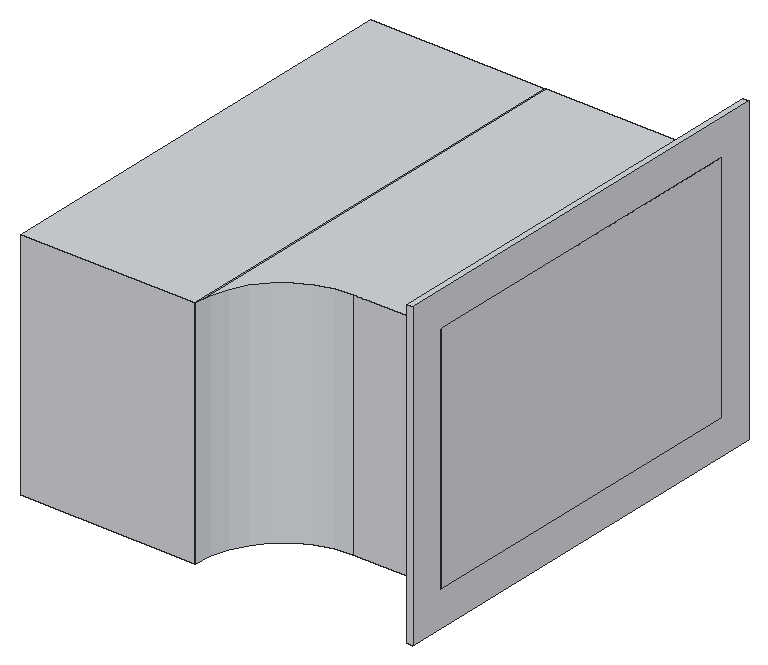
Revit family "RE Schuhstutzen mit Radius SU - Flansch", category Luftkanalformteile, Revit 2014
Parameters (values of type "Allgemein")
  d [instance] = 300 mm
  c [instance] = 200 mm
  built-in parameter 1114214 [instance] = 150 mm
  built-in parameter 1114213 [instance] = 150 mm
  built-in parameter 1114215 [instance] = (empty or 0)
  a [instance] = c  # 200 mm
  b [instance] = d + Radius  # 375 mm
  Radius [instance] = [built-in parameter 1114213] * 0.5  # 75 mm
  Länge l1 [instance] = Radius + 0.5 * d  # 225 mm
  Länge 1 [instance] = b / 2 - Horizontaler Profilversatz  # 225 mm
  Horizontaler Profilversatz [instance] = -(b - d) / 2  # -37.5 mm
  Flansch d [instance] = d + Flanschverlängerung * 2  # 360 mm
  Flansch c [instance] = c + Flanschverlängerung * 2  # 260 mm
  Flanschstärke [instance] = 5 mm
  Flanschverlängerung [instance] = 30 mm
Reference planes
  plane 1 "Mitte (vorne/hinten)": y = 0
  plane 2: z = 0
  plane 3 "Mitte (links/rechts)": x = 0
  plane 4: x = -150
  plane 5: x = 150
  plane 6: x = 75
  plane 7: y = 150
  plane 8: y = -225
  plane 9: y = -37.5
  plane 10: z = 100
  plane 11: z = -100
  plane 12: x = 145
  plane 13: y = 180
  plane 14: y = -180
Forms (mm)
  Sweep 1, solid, detail levels medium+fine
    path in 3D
      loop
        line (75, 0, 0) -> (150, 0, 0)
    profile "Luftkanal - rechteckig : Luftkanal - rechteckig 2" origin (112.5, 0, 0) x (0, 1, 0) y (0, 0, 1)
      loop
        line (-150, 100) -> (-150, -100) -> (150, -100) -> (150, 100) -> (-150, 100)
  Sweep 2, solid, detail levels medium+fine
    path in 3D
      loop
        line (-150, 0, 0) -> (0, 0, 0)
    profile "Luftkanal - rechteckig : Luftkanal - rechteckig 1" origin (-75, 0, 0) x (0, 1, 0) y (0, 0, 1)
      loop
        line (-225, 100) -> (-225, -100) -> (150, -100) -> (150, 100) -> (-225, 100)
  Extrusion 3, solid, detail levels medium+fine
    sketch origin (0, 0, 0) x (1, 0, 0) y (0, 1, 0)
      loop
        line (75, -150) -> (75, 150) -> (0, 150) -> (0, -225)
        arc (0, -225) -> (21.967, -171.967) -> (75, -150) r 75
    from -100 to 100
  Sweep 4, solid, detail levels fine
    path in 3D
      loop
        line (145, 0, 0) -> (150, 0, 0)
    profile "Luftkanal - rechteckig : Luftkanal - Flansch 2" origin (147.5, 0, 0) x (0, 1, 0) y (0, 0, 1)
      loop
        line (-180, 130) -> (-180, -130) -> (180, -130) -> (180, 130) -> (-180, 130)
Cuts and joins
  joined: Sweep 1, Extrusion 3
Lines and regions (mm)
  reference lines
    curve 1: line (75, 0, 0) -> (150, 0, 0)
    curve 3: line (-150, 0, 0) -> (0, 0, 0)
    curve 5: line (145, 0, 0) -> (150, 0, 0)
  sketch lines
    curve 2: line (75, 0, 0) -> (150, 0, 0)
    curve 4: line (-150, 0, 0) -> (0, 0, 0)
    curve 6: line (145, 0, 0) -> (150, 0, 0)
  model lines, detail levels coarse
    curve 7: line (150, 180, 0) -> (150, -180, 0)
Dimensions and locks
  "built-in parameter 1114214": plane 4 to plane 3 "Mitte (links/rechts)"
  "built-in parameter 1114213": plane 3 "Mitte (links/rechts)" to plane 5
  "Radius": plane 3 "Mitte (links/rechts)" to plane 6
  "Länge 1": plane 1 "Mitte (vorne/hinten)" to plane 8
  "b": plane 7 to plane 8
  equal spacing: plane 7, plane 9, plane 8
  equal spacing: plane 10, plane 2, plane 11
  "c": plane 10 to plane 11
  "Flanschstärke": plane 12 to plane 5
  equal spacing: plane 13, plane 1 "Mitte (vorne/hinten)", plane 14
  "Flansch d": plane 13 to plane 14
  "Radius": radius of Extrusion 3 sketch curve
  locked: Extrusion 3 sketch curve to Extrusion 3 sketch curve (angle 90.00°)
  aligned and locked: plane 6 to curve 1
  aligned and locked: plane 5 to curve 1
  aligned and locked: plane 1 "Mitte (vorne/hinten)" to curve 1
  aligned and locked: plane 4 to curve 3
  aligned and locked: plane 1 "Mitte (vorne/hinten)" to curve 3
  aligned and locked: plane 8 to Extrusion 3 sketch curve  (x3)
  aligned and locked: plane 6 to Extrusion 3 sketch curve
  aligned and locked: plane 3 "Mitte (links/rechts)" to Extrusion 3 sketch curve
  aligned and locked: Extrusion 3 sketch curve to plane 7
  aligned and locked: plane 7 to Extrusion 3 sketch curve
  aligned and locked: Extrusion 3 sketch curve to plane 6
  aligned and locked: Extrusion 3 to plane 11
  aligned and locked: plane 10 to Extrusion 3
  aligned and locked: plane 5 to curve 5
  aligned and locked: plane 12 to curve 5
  aligned and locked: plane 1 "Mitte (vorne/hinten)" to curve 5
  aligned and locked: plane 13 to curve 7
  aligned and locked: plane 14 to curve 7
  aligned and locked: curve 7 to plane 5
Automatic sketch dimensions
  curve 3 to plane 3 "Mitte (links/rechts)" = 0 mm
Connectors
  hvac at (0, -37.5, 0), driven by "c", driven by "d"
    settings: on Extrusion 3, index 1, duct flow 0.0 L/s, flow factor 0, pres drop 0.0 Pa, loss coef 0, conn angle 0.00°, conn width 300 mm, conn height 200 mm, conn diameter 609.6 mm, duct sys type 28, conn prof type 1, flow config 0, flow direction 0, loss method 0, conn ref index 2, conn util no, is conn primary yes, conn desc ""
  hvac at (150, 0, 0), driven by "c", driven by "d"
    settings: on Sweep 1, index 2, duct flow 0.0 L/s, flow factor 0, pres drop 0.0 Pa, loss coef 0, conn angle 0.00°, conn width 300 mm, conn height 200 mm, conn diameter 609.6 mm, duct sys type 28, conn prof type 1, flow config 0, flow direction 0, loss method 0, conn ref index 1, conn util no, is conn primary no, conn desc ""
